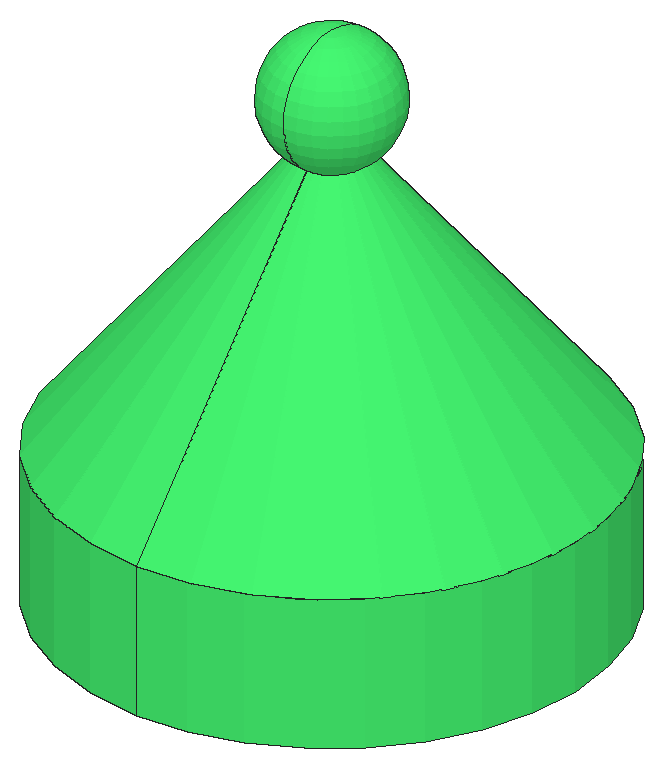
Revit family "M_Condição do limite-Pregado", category Condições do limite, Revit 2019
Family settings
  ID de item do Seek = Boundary Condition-Pinned-0000-CAN-ENU
  Com base no plano de trabalho = Não
  Sempre na vertical = Sim
  Corte com vazios quando carregada = Não
  Compartilhado = Não
Reference planes
  plane 1 "Centro (Frente/Trás)": y = 0
  plane 2: z = 0
  plane 3 "Centro (Esquerda/Direita)": x = 0
Forms (mm)
  Revolve 1, solid, material "Fixado"
    sketch origin (0, 0, 0) x (0, 1, 0) y (0, 0, 1)
      loop
        arc (16.716, -26.993) -> (30.538, 8.69) -> (0, 31.75) r 31.75
        line (0, 31.75) -> (0, -234.116) -> (127.878, -234.116) -> (127.878, -164.266) -> (16.716, -26.993)
      axis (0, -234.116) -> (0, 31.75)
    angle from 0 to 360
